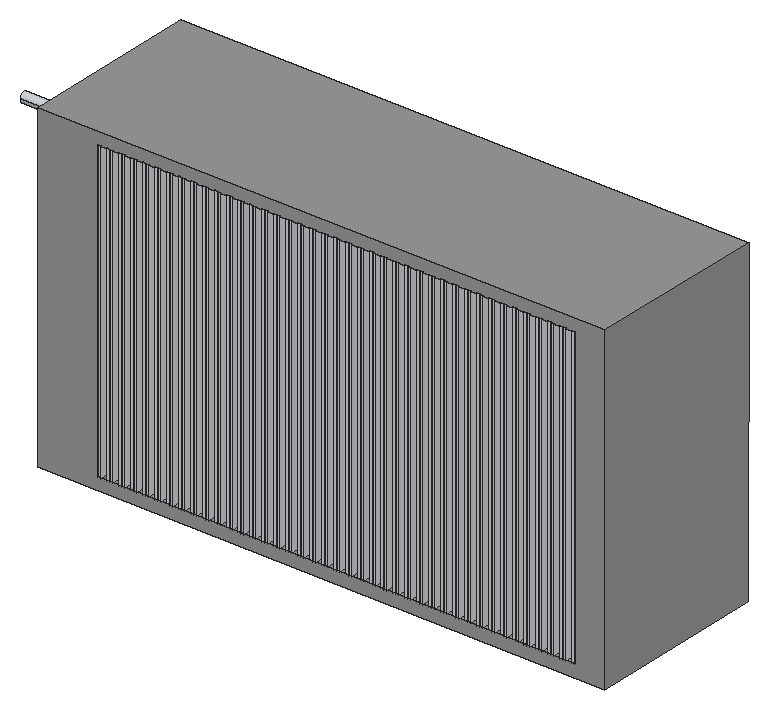
Revit family "ВЕЗА_Канал-ФКО", category Арматура воздуховодов, Revit 2018
Family settings
  Размер круглого соединителя = Использовать диаметр
  Тип детали = Демпфер
  Номер OmniClass = 23.75.00.00
  Заголовок OmniClass = Climate Control (HVAC)
  На основе рабочей плоскости = Нет
  Всегда вертикально = Нет
  При загрузке вырезать с полостями = Нет
  Общий = Нет
Parameters (values of type "100-50")
  Угол поворота УГО 3D [instance] = 30.00°
  Скорость воздуха [instance] = ADSK_Расход воздуха / Площадь живого сечения  # 3.47222 m/s
  Площадь живого сечения = size_lookup(Kanal, "Площадь живого сечения", 0.00 m², B, H)  # 0.32 m²
  Плотность воздуха = 1.2000 kg/m³  # constant formula
  Масштаб УГО [instance] = 100
  ВЕЗА_Классификатор = "11024"  # constant formula
  Description = ""
  Материал = ВЕЗА_Оцинкованная сталь
  КМС = size_lookup(Kanal, "КМС", 0, B, H)  # 7.54
  Type Image = ФКО.png
  Manufacturer = ""
  ВЕЗА_Контакты = "bim@veza.ru"  # constant formula
  d2 = size_lookup(Kanal, "d2", 0 mm, B, H)  # 35 mm
  URL = "http://www.veza.ru/docs/sistemy-kanalnoy-ventilyatsii-kanal/"
  L = 300 mm  # constant formula
  Kanal = "kanal"  # constant formula
  H1 = size_lookup(Kanal, "H1", 0 mm, B, H)  # 583 mm
  H = 500 mm
  D1 = 22 mm  # constant formula
  d1 = size_lookup(Kanal, "d1", 0 mm, B, H)  # 16 mm
  B2 = 0 mm
  B1 = size_lookup(Kanal, "B1", 0 mm, B, H)  # 952 mm
  B = 800 mm
  ADSK_Расход воздуха [instance] = 4000.0 m³/h
  ADSK_Размер_Ширина [instance] = B  # 800 mm
  ADSK_Размер_Высота [instance] = H  # 500 mm
  ADSK_Потеря давления воздуха [instance] = КМС * ((Плотность воздуха * Скорость воздуха ^ 2) / 2)  # 59.2448 Pa
  ADSK_Наименование краткое = "Канал-ФКО"  # constant formula
  ADSK_Наименование = "Канальный фреоновый воздухоохладитель"  # constant formula
  ADSK_Масса = size_lookup(Kanal, "ADSK_Масса", 0, B, H)  # 32
  ADSK_Марка [instance] = size_lookup(Kanal, "", "Не определено", B, H)  # "Канал-ФКО-80-50"
  ADSK_Комплект [instance] = ""
  ADSK_Количество = 1
  ADSK_Код изделия = ""
  ADSK_Завод-изготовитель = "OOO ''ВЕЗА''"  # constant formula
  ADSK_Единица измерения = "шт."  # constant formula
  ADSK_Дата изменения = "28.08.2020"  # constant formula
  ADSK_Группирование [instance] = ""
  ADSK_Версия семейства = "2.0"  # constant formula
  ADSK_Версия Revit = "Revit2018"  # constant formula
Reference planes
  plane 1 "По центру (Вперед/Назад)": y = 0
  plane 2: z = 0
  plane 3 "По центру (Влево/Вправо)": x = 0
  plane 4: x = -400
  plane 5: x = 400
  plane 6: z = 250
  plane 7 "Низ": z = -250
  plane 8 "back": y = -150
  plane 9 "front": y = 150
  plane 10: y = 152
  plane 11: y = -152
  plane 12: y = -130
  plane 13: z = -270
  plane 14: x = 451
  plane 15: z = 270
  plane 16: x = -501
  plane 17: x = -578
  plane 18: y = -83
  plane 19: z = 230
  plane 20: z = -230
  plane 21: y = 90
  plane 22: y = 91
  plane 23: y = -91
  plane 24: z = -310
  plane 25: x = 399
  plane 26: x = -449
  plane 27: y = -152
  plane 28: x = 370
  plane 29: y = -21
  plane 30: x = -531
  plane 31: z = -299
Forms (mm)
  Extrusion 1, solid, material "ВЕЗА_Оцинкованная сталь" <- "Материал", detail levels medium+fine
    sketch origin (0, -150, 0) x (0, 0, 1) y (1, 0, 0)
      loop
        line (250, -400) -> (250, 400) -> (-250, 400) -> (-250, -400) -> (250, -400)
      loop
        line (270, -501) -> (270, 451) -> (-270, 451) -> (-270, -501) -> (270, -501)
    from 0 to 300
  Extrusion 2, solid, detail levels medium+fine
    sketch origin (0, 0, 0) x (0, 1, 0) y (0, 0, 1)
      loop
        circle (-83, 230) r 8
      loop
        circle (90, -230) r 17.5
    from -501 to -578
  Extrusion 3, solid, detail levels medium+fine
    sketch origin (0, 0, 0) x (0, 1, 0) y (0, 0, 1)
      loop
        line (-91, -310) -> (91, -310) -> (91, -270) -> (-91, -270) -> (-91, -310)
    from -449 to 399
  Extrusion 4, solid, detail levels medium+fine
    sketch origin (0, 0, 0) x (0, 1, 0) y (0, 0, 1)
      loop
        circle (-21, -299) r 11
    from -531 to -400
Lines and regions (mm)
  reference lines
    curve 1: line (0, -150, 0) -> (692.82, -150, 400)
Dimensions and locks
  equal spacing: plane 5, plane 3 "По центру (Влево/Вправо)", plane 4
  "B": plane 5 to plane 4
  equal spacing: plane 6, level, plane 7 "Низ"
  "H": plane 6 to plane 7 "Низ"
  equal spacing: plane 8 "back", plane 1 "По центру (Вперед/Назад)", plane 9 "front"
  "L": plane 8 "back" to plane 9 "front"
  locked: plane 9 "front" to plane 10 at 2
  locked: plane 11 to plane 8 "back" at 2
  locked: plane 6 to nested 1 at 44.392
  locked: plane 8 "back" to nested 1 at 91.104
  locked: plane 7 "Низ" to plane 13 at 20
  locked: plane 15 to plane 6 at 20
  locked: plane 14 to plane 5 at 51
  locked: plane 4 to plane 16 at 101
  locked: plane 16 to plane 17 at 77
  locked: plane 6 to plane 19 at 20
  locked: plane 20 to plane 7 "Низ" at 20
  locked: plane 9 "front" to plane 21 at 60
  locked: plane 9 "front" to plane 22 at 59
  locked: plane 23 to plane 8 "back" at 59
  locked: plane 13 to plane 24 at 40
  locked: plane 5 to plane 25 at 1
  locked: plane 26 to plane 16 at 52
  locked: plane 5 to plane 28 at 30
  locked: plane 16 to plane 30 at 30
  locked: plane 18 to plane 8 "back" at 67
  locked: plane 29 to plane 8 "back" at 129
  locked: plane 13 to plane 31 at 29
  locked: plane 13 to Extrusion 3 at 40
  "d1": diameter of Extrusion 2 sketch curve
  "d2": diameter of Extrusion 2 sketch curve
  "D1": diameter of Extrusion 4 sketch curve
  diameter of Extrusion 2 = 16 mm
  "Угол поворота УГО 3D": angle plane 2 to curve 1
  aligned and locked: level to plane 2
  aligned and locked: plane 4 to Extrusion 1 sketch curve
  aligned and locked: plane 6 to Extrusion 1 sketch curve
  aligned and locked: plane 7 "Низ" to Extrusion 1 sketch curve
  aligned and locked: plane 5 to Extrusion 1 sketch curve
  aligned and locked: plane 9 "front" to Extrusion 1
  aligned and locked: Extrusion 1 to plane 6
  aligned and locked: plane 4 to Extrusion 1
  aligned and locked: plane 15 to Extrusion 1
  aligned and locked: Extrusion 1 to plane 16
  aligned and locked: plane 14 to Extrusion 1
  aligned and locked: plane 21 to Extrusion 2 sketch curve
  aligned and locked: plane 20 to Extrusion 2 sketch curve
  aligned and locked: plane 18 to Extrusion 2 sketch curve
  aligned and locked: plane 19 to Extrusion 2 sketch curve
  aligned and locked: Extrusion 2 to plane 16  (x4)
  aligned and locked: Extrusion 2 to plane 17
  aligned and locked: plane 24 to Extrusion 3 sketch curve
  aligned and locked: plane 22 to Extrusion 3 sketch curve
  aligned and locked: plane 23 to Extrusion 3 sketch curve
  aligned and locked: plane 13 to Extrusion 3 sketch curve
  aligned and locked: Extrusion 3 to plane 26
  aligned and locked: plane 25 to Extrusion 3
  aligned and locked: plane 26 to Extrusion 3
  aligned and locked: Extrusion 3 to plane 25
  aligned and locked: nested 2 to plane 4
  aligned and locked: plane 5 to nested 2
  aligned and locked: Extrusion 1 to nested 2
  aligned and locked: plane 4 to nested 3
  aligned and locked: nested 3 to plane 5
  aligned and locked: plane 8 "back" to nested 3
  aligned and locked: Extrusion 4 to plane 30
  aligned and locked: plane 4 to Extrusion 4
  aligned and locked: plane 29 to Extrusion 4 sketch curve
  aligned and locked: plane 31 to Extrusion 4 sketch curve
  aligned and locked: plane 2 to curve 1
  aligned and locked: plane 3 "По центру (Влево/Вправо)" to curve 1
  aligned and locked: plane 3 "По центру (Влево/Вправо)" to nested 5
  aligned and locked: nested 5 to plane 1 "По центру (Вперед/Назад)"
Automatic sketch dimensions
  Extrusion 1 sketch curve to plane 7 "Низ" = 20 mm
  plane 6 to Extrusion 1 sketch curve = 20 mm
  Extrusion 1 sketch curve to plane 4 = 101 mm
  plane 5 to Extrusion 1 sketch curve = 51 mm
Nested families
  nested 1: "Логотип ВЕЗА" at (-501, -762.171, 367.197) x (0, -1, 0) z (-1, 0, 0), type "Логотип ВЕЗА", detail levels fine
  nested 2: "Обрамление" at (50, 0, 0), B <- "B", H <- "H", L <- "L", type "Обрамление", detail levels fine
    with Количество 40, L 300 mm, H 500 mm, B 800 mm
  nested 3: "Обрамление" at (50, 0, 0), B <- "B", H <- "H", L <- "L", type "Обрамление", detail levels fine
    with Количество 40, L 300 mm, H 500 mm, B 800 mm
  nested 4: "ВЕЗА_УГО_Канальная вентиляция_Канальный водяной воздухоохладитель _3D" at (0, 0, 0) x (0, 1, 0) z (-0.5, 0, 0.866), Длина модели <- "L", Ширина модели <- "B", Масштаб УГО <- "Масштаб УГО", type "Канальный водяной воздухоохладитель", detail levels coarse
    with а 27.273 mm, Ширина модели 800 mm, Масштаб УГО 100, Длина модели 300 mm, Диаметр 109.091 mm, x 155 mm, d 111.091 mm, b 42.857 mm, L 300 mm, B 800 mm
  nested 5: "ВЕЗА_УГО_ВЕРОСА_Воздухоохладитель_2D" at (0, 0, 0) x (0, 1, 0) z (0, 0, 1), Масштаб УГО <- "Масштаб УГО", Длина модели <- "L", Ширина модели <- "B", type "ВЕЗА_УГО_ВЕРОСА_Воздухоохладитель_2D", detail levels coarse
    with Ширина модели 800 mm, Масштаб УГО 100, Длина модели 300 mm, x 155 mm, d 100 mm, L 300 mm, D 200 mm, B 800 mm
Connectors
  hvac at (0, 150, 0), driven by "H", driven by "B", driven by "ADSK_Расход воздуха"
    settings: on Extrusion 1, index 1, duct flow 4000.0 m³/h, flow factor 0, pres drop 0.0 Pa, loss coef 0, conn angle 0.00°, conn width 800 mm, conn height 500 mm, conn diameter 609.6 mm, duct sys type 29, conn prof type 1, flow config 0, flow direction 0, loss method 0, conn ref index 2, conn util no, is conn primary no, conn desc ""
  hvac at (0, -150, 0), driven by "H", driven by "B", driven by "ADSK_Расход воздуха"
    settings: on Extrusion 1, index 2, duct flow 4000.0 m³/h, flow factor 0, pres drop 0.0 Pa, loss coef 0, conn angle 0.00°, conn width 800 mm, conn height 500 mm, conn diameter 609.6 mm, duct sys type 29, conn prof type 1, flow config 0, flow direction 0, loss method 0, conn ref index 1, conn util no, is conn primary yes, conn desc ""
  piping at (-578, -83, 230), diameter 16, driven by "d1"
    settings: on Extrusion 2, index 3, connector inside diameter 609.6 mm, connector length 0 mm, flow factor 0, pipe flow 0.0 L/s, pressure drop 0.0 Pa, fitting loss kfactor 0, connector angle 0.00°, fixture units 0, engagement length 0 mm, angle of deflection 0.00°, flow configuration 0, flow direction 1, fitting loss method 0, system type 28, joint type 0, gender type 0, connector reference index -1, connector utility 0, adjustable connector no, is connector primary yes, connector description ""
  piping at (-578, 90, -230), diameter 35, driven by "d2"
    settings: on Extrusion 2, index 4, connector inside diameter 609.6 mm, connector length 0 mm, flow factor 0, pipe flow 0.0 L/s, pressure drop 0.0 Pa, fitting loss kfactor 0, connector angle 0.00°, fixture units 0, engagement length 0 mm, angle of deflection 0.00°, flow configuration 0, flow direction 2, fitting loss method 0, system type 28, joint type 0, gender type 0, connector reference index -1, connector utility 0, adjustable connector no, is connector primary no, connector description ""
  piping at (-531, -21, -299), diameter 22, driven by "D1"
    settings: on Extrusion 4, index 5, connector inside diameter 609.6 mm, connector length 0 mm, flow factor 0, pipe flow 0.0 L/s, pressure drop 0.0 Pa, fitting loss kfactor 0, connector angle 0.00°, fixture units 0, engagement length 0 mm, angle of deflection 0.00°, flow configuration 0, flow direction 2, fitting loss method 0, system type 22, joint type 0, gender type 0, connector reference index -1, connector utility 0, adjustable connector no, is connector primary no, connector description ""
Definition of nested family "Логотип ВЕЗА"
  Parameters (values of type "Логотип ВЕЗА")
    Default Elevation = 1219.2 mm
    Материал нижнего сплайна = none
    Материал заглавия = none
    Материал верхнего сплайна = none
  Reference planes
    plane 1 "По центру (Вперед/Назад)": y = 0
    plane 2: z = 0
    plane 3 "По центру (Влево/Вправо)": x = 0
  Forms (mm)
    Extrusion 1, solid
      sketch origin (0, 0, 0) x (1, 0, 0) y (0, 1, 0)
        loop
          line (-1219.2, 1219.2) -> (-1219.2, -1219.2) -> (1219.2, -1219.2) -> (1219.2, 1219.2) -> (-1219.2, 1219.2)
      from 0 to -304.8
    Extrusion 2, solid, material <- "Материал нижнего сплайна"
      sketch origin (0, 0, 0) x (1, 0, 0) y (0, 1, 0)
        loop
          spline (-774.059, -149.29) -> (-784.62, -151.668) -> (-796.503, -155.866) -> (-804.568, -162.905) -> (-808.562, -171.012) -> (-809.369, -178.017) -> (-808.248, -183.715) -> (-806.316, -188.854) -> (-802.212, -193.698) -> (-793.49, -198.301) -> (-778.657, -202.454) -> (-760.079, -204.908) -> (-741.093, -204.153)
          spline (-741.093, -204.153) -> (-762.815, -201.187) -> (-778.36, -196.997) -> (-788.809, -192.037) -> (-795.239, -186.762) -> (-798.73, -181.627) -> (-800.228, -176.971) -> (-800.247, -172.768) -> (-799.212, -168.917) -> (-797.387, -165.247) -> (-794.555, -161.383) -> (-788.805, -156.589) -> (-774.059, -149.29)
      from 0 to 1
    Extrusion 3, solid, material <- "Материал заглавия"
      sketch origin (0, 0, 0) x (1, 0, 0) y (0, 1, 0)
        loop
          line (-785.933, -161.629) -> (-785.933, -186.629) -> (-775.627, -186.629)
          arc (-775.627, -186.629) -> (-768.784, -181.368) -> (-772.111, -173.402) r 7.081
          arc (-772.111, -173.402) -> (-769.839, -166.099) -> (-776.046, -161.629) r 6.544
          line (-776.046, -161.629) -> (-785.933, -161.629)
        loop
          line (-783.933, -163.629) -> (-783.933, -173.402) -> (-777.349, -173.402)
          arc (-777.349, -173.402) -> (-772.463, -168.516) -> (-777.349, -163.629) r 4.887
          line (-777.349, -163.629) -> (-783.933, -163.629)
        loop
          line (-783.933, -175.169) -> (-783.933, -184.629) -> (-776.202, -184.629)
          arc (-776.202, -184.629) -> (-771.471, -179.899) -> (-776.202, -175.169) r 4.73
          line (-776.202, -175.169) -> (-783.933, -175.169)
        loop
          line (-764.855, -161.589) -> (-764.855, -186.629) -> (-749.855, -186.629) -> (-749.855, -183.589) -> (-761.855, -183.589) -> (-761.855, -174.589) -> (-749.855, -174.589) -> (-749.855, -171.589) -> (-761.855, -171.589) -> (-761.855, -164.589) -> (-749.855, -164.589) -> (-749.855, -161.589) -> (-764.855, -161.589)
        loop
          arc (-730.632, -186.629) -> (-724.166, -181.468) -> (-727.764, -174.018) r 6.632
          arc (-727.764, -174.018) -> (-725.006, -166.416) -> (-731.494, -161.589) r 6.774
          line (-731.494, -161.589) -> (-744.569, -161.589) -> (-744.569, -164.589) -> (-732.019, -164.589)
          arc (-732.019, -164.589) -> (-728.017, -168.592) -> (-732.019, -172.595) r 4.003
          line (-732.019, -172.595) -> (-744.569, -172.595) -> (-744.569, -175.882) -> (-731.633, -175.882)
          arc (-731.633, -175.882) -> (-727.779, -179.736) -> (-731.633, -183.589) r 3.854
          line (-731.633, -183.589) -> (-744.569, -183.589) -> (-744.569, -186.629) -> (-730.632, -186.629)
        loop
          line (-703.275, -186.629) -> (-703.275, -167.236)
          arc (-703.275, -167.236) -> (-704.929, -163.243) -> (-708.922, -161.589) r 5.647
          line (-708.922, -161.589) -> (-718.275, -161.589) -> (-718.275, -164.589) -> (-709.876, -164.589)
          arc (-709.876, -164.589) -> (-707.33, -165.644) -> (-706.275, -168.191) r 3.601
          line (-706.275, -168.191) -> (-706.275, -171.589) -> (-713.27, -171.589)
          arc (-713.27, -171.589) -> (-720.789, -179.109) -> (-713.27, -186.629) r 7.52
          line (-713.27, -186.629) -> (-703.275, -186.629)
        loop
          line (-712.316, -183.589) -> (-706.275, -183.589) -> (-706.275, -174.589) -> (-712.316, -174.589)
          arc (-712.316, -174.589) -> (-716.816, -179.089) -> (-712.316, -183.589) r 4.5
      from 0 to 1
    Extrusion 4, solid, material <- "Материал верхнего сплайна"
      sketch origin (-1499.429, -298.696, 0) x (-0.997564, 0.069756, 0) y (-0.069756, -0.997564, 0)
        loop
          spline (-774.059, -149.29) -> (-784.62, -151.668) -> (-796.503, -155.866) -> (-804.568, -162.905) -> (-808.562, -171.012) -> (-809.369, -178.017) -> (-808.248, -183.715) -> (-806.316, -188.854) -> (-802.212, -193.698) -> (-793.49, -198.301) -> (-778.657, -202.454) -> (-760.079, -204.908) -> (-741.093, -204.153)
          spline (-741.093, -204.153) -> (-762.815, -201.187) -> (-778.36, -196.997) -> (-788.809, -192.037) -> (-795.239, -186.762) -> (-798.73, -181.627) -> (-800.228, -176.971) -> (-800.247, -172.768) -> (-799.212, -168.917) -> (-797.387, -165.247) -> (-794.555, -161.383) -> (-788.805, -156.589) -> (-774.059, -149.29)
      from 0 to 1
  Dimensions and locks
    aligned and locked: plane 2 to Extrusion 1
    aligned and locked: level to Extrusion 1
Definition of nested family "Обрамление"
  Parameters (values of type "Обрамление")
    Количество [instance] = B / 20 mm  # 45
    L [instance] = 500 mm
    H [instance] = 300 mm
    B [instance] = 900 mm
  Reference planes
    plane 1 "По центру (Вперед/Назад)": y = 0
    plane 2: z = 0
    plane 3 "По центру (Влево/Вправо)": x = 0
    plane 4: x = -450
    plane 5: x = 450
    plane 6: z = 150
    plane 7 "низ": z = -150
    plane 8: y = 250
    plane 9: y = -250
  Forms (mm)
    Extrusion 1, solid
      sketch origin (0, 0, -150) x (-1, 0, 0) y (0, -1, 0)
        loop
          line (450, -250) -> (450, -220) -> (430, -220) -> (430, -250) -> (435, -250) -> (435, -225) -> (445, -225) -> (445, -250) -> (450, -250)
      from 0 to 300 <- "H"
    Extrusion 2, solid
      sketch origin (20, 0, -150) x (-1, 0, 0) y (0, -1, 0)
        loop
          line (450, -250) -> (450, -220) -> (430, -220) -> (430, -250) -> (435, -250) -> (435, -225) -> (445, -225) -> (445, -250) -> (450, -250)
      from 0 to 300 <- "H"
    Extrusion 3, solid
      sketch origin (40, 0, -150) x (-1, 0, 0) y (0, -1, 0)
        loop
          line (450, -250) -> (450, -220) -> (430, -220) -> (430, -250) -> (435, -250) -> (435, -225) -> (445, -225) -> (445, -250) -> (450, -250)
      from 0 to 300 <- "H"
    Extrusion 4, solid
      sketch origin (60, 0, -150) x (-1, 0, 0) y (0, -1, 0)
        loop
          line (450, -250) -> (450, -220) -> (430, -220) -> (430, -250) -> (435, -250) -> (435, -225) -> (445, -225) -> (445, -250) -> (450, -250)
      from 0 to 300 <- "H"
    Extrusion 5, solid
      sketch origin (80, 0, -150) x (-1, 0, 0) y (0, -1, 0)
        loop
          line (450, -250) -> (450, -220) -> (430, -220) -> (430, -250) -> (435, -250) -> (435, -225) -> (445, -225) -> (445, -250) -> (450, -250)
      from 0 to 300 <- "H"
    Extrusion 6, solid
      sketch origin (100, 0, -150) x (-1, 0, 0) y (0, -1, 0)
        loop
          line (450, -250) -> (450, -220) -> (430, -220) -> (430, -250) -> (435, -250) -> (435, -225) -> (445, -225) -> (445, -250) -> (450, -250)
      from 0 to 300 <- "H"
    Extrusion 7, solid
      sketch origin (120, 0, -150) x (-1, 0, 0) y (0, -1, 0)
        loop
          line (450, -250) -> (450, -220) -> (430, -220) -> (430, -250) -> (435, -250) -> (435, -225) -> (445, -225) -> (445, -250) -> (450, -250)
      from 0 to 300 <- "H"
    Extrusion 8, solid
      sketch origin (140, 0, -150) x (-1, 0, 0) y (0, -1, 0)
        loop
          line (450, -250) -> (450, -220) -> (430, -220) -> (430, -250) -> (435, -250) -> (435, -225) -> (445, -225) -> (445, -250) -> (450, -250)
      from 0 to 300 <- "H"
    Extrusion 9, solid
      sketch origin (160, 0, -150) x (-1, 0, 0) y (0, -1, 0)
        loop
          line (450, -250) -> (450, -220) -> (430, -220) -> (430, -250) -> (435, -250) -> (435, -225) -> (445, -225) -> (445, -250) -> (450, -250)
      from 0 to 300 <- "H"
    Extrusion 10, solid
      sketch origin (180, 0, -150) x (-1, 0, 0) y (0, -1, 0)
        loop
          line (450, -250) -> (450, -220) -> (430, -220) -> (430, -250) -> (435, -250) -> (435, -225) -> (445, -225) -> (445, -250) -> (450, -250)
      from 0 to 300 <- "H"
    Extrusion 11, solid
      sketch origin (200, 0, -150) x (-1, 0, 0) y (0, -1, 0)
        loop
          line (450, -250) -> (450, -220) -> (430, -220) -> (430, -250) -> (435, -250) -> (435, -225) -> (445, -225) -> (445, -250) -> (450, -250)
      from 0 to 300 <- "H"
    Extrusion 12, solid
      sketch origin (220, 0, -150) x (-1, 0, 0) y (0, -1, 0)
        loop
          line (450, -250) -> (450, -220) -> (430, -220) -> (430, -250) -> (435, -250) -> (435, -225) -> (445, -225) -> (445, -250) -> (450, -250)
      from 0 to 300 <- "H"
    Extrusion 13, solid
      sketch origin (240, 0, -150) x (-1, 0, 0) y (0, -1, 0)
        loop
          line (450, -250) -> (450, -220) -> (430, -220) -> (430, -250) -> (435, -250) -> (435, -225) -> (445, -225) -> (445, -250) -> (450, -250)
      from 0 to 300 <- "H"
    Extrusion 14, solid
      sketch origin (260, 0, -150) x (-1, 0, 0) y (0, -1, 0)
        loop
          line (450, -250) -> (450, -220) -> (430, -220) -> (430, -250) -> (435, -250) -> (435, -225) -> (445, -225) -> (445, -250) -> (450, -250)
      from 0 to 300 <- "H"
    Extrusion 15, solid
      sketch origin (280, 0, -150) x (-1, 0, 0) y (0, -1, 0)
        loop
          line (450, -250) -> (450, -220) -> (430, -220) -> (430, -250) -> (435, -250) -> (435, -225) -> (445, -225) -> (445, -250) -> (450, -250)
      from 0 to 300 <- "H"
    Extrusion 16, solid
      sketch origin (300, 0, -150) x (-1, 0, 0) y (0, -1, 0)
        loop
          line (450, -250) -> (450, -220) -> (430, -220) -> (430, -250) -> (435, -250) -> (435, -225) -> (445, -225) -> (445, -250) -> (450, -250)
      from 0 to 300 <- "H"
    Extrusion 17, solid
      sketch origin (320, 0, -150) x (-1, 0, 0) y (0, -1, 0)
        loop
          line (450, -250) -> (450, -220) -> (430, -220) -> (430, -250) -> (435, -250) -> (435, -225) -> (445, -225) -> (445, -250) -> (450, -250)
      from 0 to 300 <- "H"
    Extrusion 18, solid
      sketch origin (340, 0, -150) x (-1, 0, 0) y (0, -1, 0)
        loop
          line (450, -250) -> (450, -220) -> (430, -220) -> (430, -250) -> (435, -250) -> (435, -225) -> (445, -225) -> (445, -250) -> (450, -250)
      from 0 to 300 <- "H"
    Extrusion 19, solid
      sketch origin (360, 0, -150) x (-1, 0, 0) y (0, -1, 0)
        loop
          line (450, -250) -> (450, -220) -> (430, -220) -> (430, -250) -> (435, -250) -> (435, -225) -> (445, -225) -> (445, -250) -> (450, -250)
      from 0 to 300 <- "H"
    Extrusion 20, solid
      sketch origin (380, 0, -150) x (-1, 0, 0) y (0, -1, 0)
        loop
          line (450, -250) -> (450, -220) -> (430, -220) -> (430, -250) -> (435, -250) -> (435, -225) -> (445, -225) -> (445, -250) -> (450, -250)
      from 0 to 300 <- "H"
    Extrusion 21, solid
      sketch origin (400, 0, -150) x (-1, 0, 0) y (0, -1, 0)
        loop
          line (450, -250) -> (450, -220) -> (430, -220) -> (430, -250) -> (435, -250) -> (435, -225) -> (445, -225) -> (445, -250) -> (450, -250)
      from 0 to 300 <- "H"
    Extrusion 22, solid
      sketch origin (420, 0, -150) x (-1, 0, 0) y (0, -1, 0)
        loop
          line (450, -250) -> (450, -220) -> (430, -220) -> (430, -250) -> (435, -250) -> (435, -225) -> (445, -225) -> (445, -250) -> (450, -250)
      from 0 to 300 <- "H"
    Extrusion 23, solid
      sketch origin (440, 0, -150) x (-1, 0, 0) y (0, -1, 0)
        loop
          line (450, -250) -> (450, -220) -> (430, -220) -> (430, -250) -> (435, -250) -> (435, -225) -> (445, -225) -> (445, -250) -> (450, -250)
      from 0 to 300 <- "H"
    Extrusion 24, solid
      sketch origin (460, 0, -150) x (-1, 0, 0) y (0, -1, 0)
        loop
          line (450, -250) -> (450, -220) -> (430, -220) -> (430, -250) -> (435, -250) -> (435, -225) -> (445, -225) -> (445, -250) -> (450, -250)
      from 0 to 300 <- "H"
    Extrusion 25, solid
      sketch origin (480, 0, -150) x (-1, 0, 0) y (0, -1, 0)
        loop
          line (450, -250) -> (450, -220) -> (430, -220) -> (430, -250) -> (435, -250) -> (435, -225) -> (445, -225) -> (445, -250) -> (450, -250)
      from 0 to 300 <- "H"
    Extrusion 26, solid
      sketch origin (500, 0, -150) x (-1, 0, 0) y (0, -1, 0)
        loop
          line (450, -250) -> (450, -220) -> (430, -220) -> (430, -250) -> (435, -250) -> (435, -225) -> (445, -225) -> (445, -250) -> (450, -250)
      from 0 to 300 <- "H"
    Extrusion 27, solid
      sketch origin (520, 0, -150) x (-1, 0, 0) y (0, -1, 0)
        loop
          line (450, -250) -> (450, -220) -> (430, -220) -> (430, -250) -> (435, -250) -> (435, -225) -> (445, -225) -> (445, -250) -> (450, -250)
      from 0 to 300 <- "H"
    Extrusion 28, solid
      sketch origin (540, 0, -150) x (-1, 0, 0) y (0, -1, 0)
        loop
          line (450, -250) -> (450, -220) -> (430, -220) -> (430, -250) -> (435, -250) -> (435, -225) -> (445, -225) -> (445, -250) -> (450, -250)
      from 0 to 300 <- "H"
    Extrusion 29, solid
      sketch origin (560, 0, -150) x (-1, 0, 0) y (0, -1, 0)
        loop
          line (450, -250) -> (450, -220) -> (430, -220) -> (430, -250) -> (435, -250) -> (435, -225) -> (445, -225) -> (445, -250) -> (450, -250)
      from 0 to 300 <- "H"
    Extrusion 30, solid
      sketch origin (580, 0, -150) x (-1, 0, 0) y (0, -1, 0)
        loop
          line (450, -250) -> (450, -220) -> (430, -220) -> (430, -250) -> (435, -250) -> (435, -225) -> (445, -225) -> (445, -250) -> (450, -250)
      from 0 to 300 <- "H"
    Extrusion 31, solid
      sketch origin (600, 0, -150) x (-1, 0, 0) y (0, -1, 0)
        loop
          line (450, -250) -> (450, -220) -> (430, -220) -> (430, -250) -> (435, -250) -> (435, -225) -> (445, -225) -> (445, -250) -> (450, -250)
      from 0 to 300 <- "H"
    Extrusion 32, solid
      sketch origin (620, 0, -150) x (-1, 0, 0) y (0, -1, 0)
        loop
          line (450, -250) -> (450, -220) -> (430, -220) -> (430, -250) -> (435, -250) -> (435, -225) -> (445, -225) -> (445, -250) -> (450, -250)
      from 0 to 300 <- "H"
    Extrusion 33, solid
      sketch origin (640, 0, -150) x (-1, 0, 0) y (0, -1, 0)
        loop
          line (450, -250) -> (450, -220) -> (430, -220) -> (430, -250) -> (435, -250) -> (435, -225) -> (445, -225) -> (445, -250) -> (450, -250)
      from 0 to 300 <- "H"
    Extrusion 34, solid
      sketch origin (660, 0, -150) x (-1, 0, 0) y (0, -1, 0)
        loop
          line (450, -250) -> (450, -220) -> (430, -220) -> (430, -250) -> (435, -250) -> (435, -225) -> (445, -225) -> (445, -250) -> (450, -250)
      from 0 to 300 <- "H"
    Extrusion 35, solid
      sketch origin (680, 0, -150) x (-1, 0, 0) y (0, -1, 0)
        loop
          line (450, -250) -> (450, -220) -> (430, -220) -> (430, -250) -> (435, -250) -> (435, -225) -> (445, -225) -> (445, -250) -> (450, -250)
      from 0 to 300 <- "H"
    Extrusion 36, solid
      sketch origin (700, 0, -150) x (-1, 0, 0) y (0, -1, 0)
        loop
          line (450, -250) -> (450, -220) -> (430, -220) -> (430, -250) -> (435, -250) -> (435, -225) -> (445, -225) -> (445, -250) -> (450, -250)
      from 0 to 300 <- "H"
    Extrusion 37, solid
      sketch origin (720, 0, -150) x (-1, 0, 0) y (0, -1, 0)
        loop
          line (450, -250) -> (450, -220) -> (430, -220) -> (430, -250) -> (435, -250) -> (435, -225) -> (445, -225) -> (445, -250) -> (450, -250)
      from 0 to 300 <- "H"
    Extrusion 38, solid
      sketch origin (740, 0, -150) x (-1, 0, 0) y (0, -1, 0)
        loop
          line (450, -250) -> (450, -220) -> (430, -220) -> (430, -250) -> (435, -250) -> (435, -225) -> (445, -225) -> (445, -250) -> (450, -250)
      from 0 to 300 <- "H"
    Extrusion 39, solid
      sketch origin (760, 0, -150) x (-1, 0, 0) y (0, -1, 0)
        loop
          line (450, -250) -> (450, -220) -> (430, -220) -> (430, -250) -> (435, -250) -> (435, -225) -> (445, -225) -> (445, -250) -> (450, -250)
      from 0 to 300 <- "H"
    Extrusion 40, solid
      sketch origin (780, 0, -150) x (-1, 0, 0) y (0, -1, 0)
        loop
          line (450, -250) -> (450, -220) -> (430, -220) -> (430, -250) -> (435, -250) -> (435, -225) -> (445, -225) -> (445, -250) -> (450, -250)
      from 0 to 300 <- "H"
    Extrusion 41, solid
      sketch origin (800, 0, -150) x (-1, 0, 0) y (0, -1, 0)
        loop
          line (450, -250) -> (450, -220) -> (430, -220) -> (430, -250) -> (435, -250) -> (435, -225) -> (445, -225) -> (445, -250) -> (450, -250)
      from 0 to 300 <- "H"
    Extrusion 42, solid
      sketch origin (820, 0, -150) x (-1, 0, 0) y (0, -1, 0)
        loop
          line (450, -250) -> (450, -220) -> (430, -220) -> (430, -250) -> (435, -250) -> (435, -225) -> (445, -225) -> (445, -250) -> (450, -250)
      from 0 to 300 <- "H"
    Extrusion 43, solid
      sketch origin (840, 0, -150) x (-1, 0, 0) y (0, -1, 0)
        loop
          line (450, -250) -> (450, -220) -> (430, -220) -> (430, -250) -> (435, -250) -> (435, -225) -> (445, -225) -> (445, -250) -> (450, -250)
      from 0 to 300 <- "H"
    Extrusion 44, solid
      sketch origin (860, 0, -150) x (-1, 0, 0) y (0, -1, 0)
        loop
          line (450, -250) -> (450, -220) -> (430, -220) -> (430, -250) -> (435, -250) -> (435, -225) -> (445, -225) -> (445, -250) -> (450, -250)
      from 0 to 300 <- "H"
    Extrusion 45, solid
      sketch origin (880, 0, -150) x (-1, 0, 0) y (0, -1, 0)
        loop
          line (450, -250) -> (450, -220) -> (430, -220) -> (430, -250) -> (435, -250) -> (435, -225) -> (445, -225) -> (445, -250) -> (450, -250)
      from 0 to 300 <- "H"
  Dimensions and locks
    equal spacing: plane 5, plane 3 "По центру (Влево/Вправо)", plane 4
    "B": plane 5 to plane 4
    equal spacing: plane 6, level, plane 7 "низ"
    "H": plane 6 to plane 7 "низ"
    equal spacing: plane 9, plane 1 "По центру (Вперед/Назад)", plane 8
    "L": plane 9 to plane 8
    equal spacing: group 1, group 2, group 3, group 4, group 5, group 6, group 7, group 8, group 9, group 10, group 11, group 12, group 13, group 14, group 15, group 16, group 17, group 18, group 19, group 20, group 21, group 22, group 23, group 24, group 25, group 26, group 27, group 28, group 29, group 30, group 31, group 32, group 33, group 34, group 35, group 36, group 37, group 38, group 39, group 40, group 41, group 42, group 43, group 44, group 45  (x3)
    aligned and locked: level to plane 2
    aligned and locked: plane 6 to Extrusion 1
    aligned and locked: Extrusion 1 to plane 7 "низ"
    aligned and locked: plane 8 to Extrusion 1
    aligned and locked: Extrusion 1 to Extrusion 2
    aligned and locked: plane 8 to Extrusion 2  (x2)
    aligned and locked: plane 6 to Extrusion 2
    aligned and locked: Extrusion 2 to plane 7 "низ"
    aligned and locked: Extrusion 1 to plane 6
    aligned and locked: Extrusion 2 to plane 6
    aligned and locked: plane 7 "низ" to Extrusion 1
    aligned and locked: plane 7 "низ" to Extrusion 2
  Automatic sketch dimensions
    Extrusion 1 sketch curve to Extrusion 1 sketch curve = 5 mm  (x3)
    Extrusion 1 sketch curve to Extrusion 1 sketch curve = 10 mm
    Extrusion 1 sketch curve to Extrusion 1 sketch curve = 0 mm
    Extrusion 1 sketch curve to Extrusion 1 sketch curve = 25 mm
    Extrusion 2 sketch curve to Extrusion 2 sketch curve = 5 mm  (x3)
    Extrusion 2 sketch curve to Extrusion 2 sketch curve = 10 mm
    Extrusion 2 sketch curve to Extrusion 2 sketch curve = 0 mm
    Extrusion 2 sketch curve to Extrusion 2 sketch curve = 25 mm
    Extrusion 3 sketch curve to Extrusion 3 sketch curve = 5 mm  (x3)
    Extrusion 3 sketch curve to Extrusion 3 sketch curve = 10 mm
    Extrusion 3 sketch curve to Extrusion 3 sketch curve = 0 mm
    Extrusion 3 sketch curve to Extrusion 3 sketch curve = 25 mm
    Extrusion 4 sketch curve to Extrusion 4 sketch curve = 5 mm  (x3)
    Extrusion 4 sketch curve to Extrusion 4 sketch curve = 10 mm
    Extrusion 4 sketch curve to Extrusion 4 sketch curve = 0 mm
    Extrusion 4 sketch curve to Extrusion 4 sketch curve = 25 mm
    Extrusion 5 sketch curve to Extrusion 5 sketch curve = 5 mm  (x3)
    Extrusion 5 sketch curve to Extrusion 5 sketch curve = 10 mm
    Extrusion 5 sketch curve to Extrusion 5 sketch curve = 0 mm
    Extrusion 5 sketch curve to Extrusion 5 sketch curve = 25 mm
    Extrusion 6 sketch curve to Extrusion 6 sketch curve = 5 mm  (x3)
    Extrusion 6 sketch curve to Extrusion 6 sketch curve = 10 mm
    Extrusion 6 sketch curve to Extrusion 6 sketch curve = 0 mm
    Extrusion 6 sketch curve to Extrusion 6 sketch curve = 25 mm
    Extrusion 7 sketch curve to Extrusion 7 sketch curve = 5 mm  (x3)
    Extrusion 7 sketch curve to Extrusion 7 sketch curve = 10 mm
    Extrusion 7 sketch curve to Extrusion 7 sketch curve = 0 mm
    Extrusion 7 sketch curve to Extrusion 7 sketch curve = 25 mm
    Extrusion 8 sketch curve to Extrusion 8 sketch curve = 5 mm  (x3)
    Extrusion 8 sketch curve to Extrusion 8 sketch curve = 10 mm
    Extrusion 8 sketch curve to Extrusion 8 sketch curve = 0 mm
    Extrusion 8 sketch curve to Extrusion 8 sketch curve = 25 mm
    Extrusion 9 sketch curve to Extrusion 9 sketch curve = 5 mm  (x3)
    Extrusion 9 sketch curve to Extrusion 9 sketch curve = 10 mm
    Extrusion 9 sketch curve to Extrusion 9 sketch curve = 0 mm
    Extrusion 9 sketch curve to Extrusion 9 sketch curve = 25 mm
    Extrusion 10 sketch curve to Extrusion 10 sketch curve = 5 mm  (x3)
    Extrusion 10 sketch curve to Extrusion 10 sketch curve = 10 mm
    Extrusion 10 sketch curve to Extrusion 10 sketch curve = 0 mm
    Extrusion 10 sketch curve to Extrusion 10 sketch curve = 25 mm
    Extrusion 11 sketch curve to Extrusion 11 sketch curve = 5 mm  (x3)
    Extrusion 11 sketch curve to Extrusion 11 sketch curve = 10 mm
    Extrusion 11 sketch curve to Extrusion 11 sketch curve = 0 mm
    Extrusion 11 sketch curve to Extrusion 11 sketch curve = 25 mm
    Extrusion 12 sketch curve to Extrusion 12 sketch curve = 5 mm  (x3)
    Extrusion 12 sketch curve to Extrusion 12 sketch curve = 10 mm
    Extrusion 12 sketch curve to Extrusion 12 sketch curve = 0 mm
    Extrusion 12 sketch curve to Extrusion 12 sketch curve = 25 mm
    Extrusion 13 sketch curve to Extrusion 13 sketch curve = 5 mm  (x3)
    Extrusion 13 sketch curve to Extrusion 13 sketch curve = 10 mm
    Extrusion 13 sketch curve to Extrusion 13 sketch curve = 0 mm
    Extrusion 13 sketch curve to Extrusion 13 sketch curve = 25 mm
    Extrusion 14 sketch curve to Extrusion 14 sketch curve = 5 mm  (x3)
    Extrusion 14 sketch curve to Extrusion 14 sketch curve = 10 mm
    Extrusion 14 sketch curve to Extrusion 14 sketch curve = 0 mm
    Extrusion 14 sketch curve to Extrusion 14 sketch curve = 25 mm
    Extrusion 15 sketch curve to Extrusion 15 sketch curve = 5 mm  (x3)
    Extrusion 15 sketch curve to Extrusion 15 sketch curve = 10 mm
    Extrusion 15 sketch curve to Extrusion 15 sketch curve = 0 mm
    Extrusion 15 sketch curve to Extrusion 15 sketch curve = 25 mm
    Extrusion 16 sketch curve to Extrusion 16 sketch curve = 5 mm  (x3)
    Extrusion 16 sketch curve to Extrusion 16 sketch curve = 10 mm
    Extrusion 16 sketch curve to Extrusion 16 sketch curve = 0 mm
    Extrusion 16 sketch curve to Extrusion 16 sketch curve = 25 mm
    Extrusion 17 sketch curve to Extrusion 17 sketch curve = 5 mm  (x3)
    Extrusion 17 sketch curve to Extrusion 17 sketch curve = 10 mm
    Extrusion 17 sketch curve to Extrusion 17 sketch curve = 0 mm
    Extrusion 17 sketch curve to Extrusion 17 sketch curve = 25 mm
    Extrusion 18 sketch curve to Extrusion 18 sketch curve = 5 mm  (x3)
    Extrusion 18 sketch curve to Extrusion 18 sketch curve = 10 mm
    Extrusion 18 sketch curve to Extrusion 18 sketch curve = 0 mm
    Extrusion 18 sketch curve to Extrusion 18 sketch curve = 25 mm
    Extrusion 19 sketch curve to Extrusion 19 sketch curve = 5 mm  (x3)
    Extrusion 19 sketch curve to Extrusion 19 sketch curve = 10 mm
    Extrusion 19 sketch curve to Extrusion 19 sketch curve = 0 mm
    Extrusion 19 sketch curve to Extrusion 19 sketch curve = 25 mm
    Extrusion 20 sketch curve to Extrusion 20 sketch curve = 5 mm  (x3)
    Extrusion 20 sketch curve to Extrusion 20 sketch curve = 10 mm
    Extrusion 20 sketch curve to Extrusion 20 sketch curve = 0 mm
    Extrusion 20 sketch curve to Extrusion 20 sketch curve = 25 mm
    Extrusion 21 sketch curve to Extrusion 21 sketch curve = 5 mm  (x3)
    Extrusion 21 sketch curve to Extrusion 21 sketch curve = 10 mm
    Extrusion 21 sketch curve to Extrusion 21 sketch curve = 0 mm
    Extrusion 21 sketch curve to Extrusion 21 sketch curve = 25 mm
    Extrusion 22 sketch curve to Extrusion 22 sketch curve = 5 mm  (x3)
    Extrusion 22 sketch curve to Extrusion 22 sketch curve = 10 mm
    Extrusion 22 sketch curve to Extrusion 22 sketch curve = 0 mm
    Extrusion 22 sketch curve to Extrusion 22 sketch curve = 25 mm
    Extrusion 23 sketch curve to Extrusion 23 sketch curve = 5 mm  (x3)
    Extrusion 23 sketch curve to Extrusion 23 sketch curve = 10 mm
    Extrusion 23 sketch curve to Extrusion 23 sketch curve = 0 mm
    Extrusion 23 sketch curve to Extrusion 23 sketch curve = 25 mm
    Extrusion 24 sketch curve to Extrusion 24 sketch curve = 5 mm  (x3)
    Extrusion 24 sketch curve to Extrusion 24 sketch curve = 10 mm
    Extrusion 24 sketch curve to Extrusion 24 sketch curve = 0 mm
    Extrusion 24 sketch curve to Extrusion 24 sketch curve = 25 mm
    Extrusion 25 sketch curve to Extrusion 25 sketch curve = 5 mm  (x3)
    Extrusion 25 sketch curve to Extrusion 25 sketch curve = 10 mm
    Extrusion 25 sketch curve to Extrusion 25 sketch curve = 0 mm
    Extrusion 25 sketch curve to Extrusion 25 sketch curve = 25 mm
    Extrusion 26 sketch curve to Extrusion 26 sketch curve = 5 mm  (x3)
    Extrusion 26 sketch curve to Extrusion 26 sketch curve = 10 mm
    Extrusion 26 sketch curve to Extrusion 26 sketch curve = 0 mm
    Extrusion 26 sketch curve to Extrusion 26 sketch curve = 25 mm
    Extrusion 27 sketch curve to Extrusion 27 sketch curve = 5 mm  (x3)
    Extrusion 27 sketch curve to Extrusion 27 sketch curve = 10 mm
    Extrusion 27 sketch curve to Extrusion 27 sketch curve = 0 mm
    Extrusion 27 sketch curve to Extrusion 27 sketch curve = 25 mm
    Extrusion 28 sketch curve to Extrusion 28 sketch curve = 5 mm  (x3)
    Extrusion 28 sketch curve to Extrusion 28 sketch curve = 10 mm
    Extrusion 28 sketch curve to Extrusion 28 sketch curve = 0 mm
    Extrusion 28 sketch curve to Extrusion 28 sketch curve = 25 mm
    Extrusion 29 sketch curve to Extrusion 29 sketch curve = 5 mm  (x3)
    Extrusion 29 sketch curve to Extrusion 29 sketch curve = 10 mm
    Extrusion 29 sketch curve to Extrusion 29 sketch curve = 0 mm
    Extrusion 29 sketch curve to Extrusion 29 sketch curve = 25 mm
    Extrusion 30 sketch curve to Extrusion 30 sketch curve = 5 mm  (x3)
    Extrusion 30 sketch curve to Extrusion 30 sketch curve = 10 mm
    Extrusion 30 sketch curve to Extrusion 30 sketch curve = 0 mm
    Extrusion 30 sketch curve to Extrusion 30 sketch curve = 25 mm
    Extrusion 31 sketch curve to Extrusion 31 sketch curve = 5 mm  (x3)
    Extrusion 31 sketch curve to Extrusion 31 sketch curve = 10 mm
    Extrusion 31 sketch curve to Extrusion 31 sketch curve = 0 mm
    Extrusion 31 sketch curve to Extrusion 31 sketch curve = 25 mm
    Extrusion 32 sketch curve to Extrusion 32 sketch curve = 5 mm  (x3)
    Extrusion 32 sketch curve to Extrusion 32 sketch curve = 10 mm
    Extrusion 32 sketch curve to Extrusion 32 sketch curve = 0 mm
    Extrusion 32 sketch curve to Extrusion 32 sketch curve = 25 mm
    Extrusion 33 sketch curve to Extrusion 33 sketch curve = 5 mm  (x3)
    Extrusion 33 sketch curve to Extrusion 33 sketch curve = 10 mm
    Extrusion 33 sketch curve to Extrusion 33 sketch curve = 0 mm
    Extrusion 33 sketch curve to Extrusion 33 sketch curve = 25 mm
    Extrusion 34 sketch curve to Extrusion 34 sketch curve = 5 mm  (x3)
    Extrusion 34 sketch curve to Extrusion 34 sketch curve = 10 mm
    Extrusion 34 sketch curve to Extrusion 34 sketch curve = 0 mm
    Extrusion 34 sketch curve to Extrusion 34 sketch curve = 25 mm
    Extrusion 35 sketch curve to Extrusion 35 sketch curve = 5 mm  (x3)
    Extrusion 35 sketch curve to Extrusion 35 sketch curve = 10 mm
    Extrusion 35 sketch curve to Extrusion 35 sketch curve = 0 mm
    Extrusion 35 sketch curve to Extrusion 35 sketch curve = 25 mm
    Extrusion 36 sketch curve to Extrusion 36 sketch curve = 5 mm  (x3)
    Extrusion 36 sketch curve to Extrusion 36 sketch curve = 10 mm
    Extrusion 36 sketch curve to Extrusion 36 sketch curve = 0 mm
    Extrusion 36 sketch curve to Extrusion 36 sketch curve = 25 mm
    Extrusion 37 sketch curve to Extrusion 37 sketch curve = 5 mm  (x3)
    Extrusion 37 sketch curve to Extrusion 37 sketch curve = 10 mm
    Extrusion 37 sketch curve to Extrusion 37 sketch curve = 0 mm
    Extrusion 37 sketch curve to Extrusion 37 sketch curve = 25 mm
    Extrusion 38 sketch curve to Extrusion 38 sketch curve = 5 mm  (x3)
    Extrusion 38 sketch curve to Extrusion 38 sketch curve = 10 mm
    Extrusion 38 sketch curve to Extrusion 38 sketch curve = 0 mm
    Extrusion 38 sketch curve to Extrusion 38 sketch curve = 25 mm
    Extrusion 39 sketch curve to Extrusion 39 sketch curve = 5 mm  (x3)
    Extrusion 39 sketch curve to Extrusion 39 sketch curve = 10 mm
    Extrusion 39 sketch curve to Extrusion 39 sketch curve = 0 mm
    Extrusion 39 sketch curve to Extrusion 39 sketch curve = 25 mm
    Extrusion 40 sketch curve to Extrusion 40 sketch curve = 5 mm  (x3)
    Extrusion 40 sketch curve to Extrusion 40 sketch curve = 10 mm
    Extrusion 40 sketch curve to Extrusion 40 sketch curve = 0 mm
    Extrusion 40 sketch curve to Extrusion 40 sketch curve = 25 mm
    Extrusion 41 sketch curve to Extrusion 41 sketch curve = 5 mm  (x3)
    Extrusion 41 sketch curve to Extrusion 41 sketch curve = 10 mm
    Extrusion 41 sketch curve to Extrusion 41 sketch curve = 0 mm
    Extrusion 41 sketch curve to Extrusion 41 sketch curve = 25 mm
    Extrusion 42 sketch curve to Extrusion 42 sketch curve = 5 mm  (x3)
    Extrusion 42 sketch curve to Extrusion 42 sketch curve = 10 mm
    Extrusion 42 sketch curve to Extrusion 42 sketch curve = 0 mm
    Extrusion 42 sketch curve to Extrusion 42 sketch curve = 25 mm
    Extrusion 43 sketch curve to Extrusion 43 sketch curve = 5 mm  (x3)
    Extrusion 43 sketch curve to Extrusion 43 sketch curve = 10 mm
    Extrusion 43 sketch curve to Extrusion 43 sketch curve = 0 mm
    Extrusion 43 sketch curve to Extrusion 43 sketch curve = 25 mm
    Extrusion 44 sketch curve to Extrusion 44 sketch curve = 5 mm  (x3)
    Extrusion 44 sketch curve to Extrusion 44 sketch curve = 10 mm
    Extrusion 44 sketch curve to Extrusion 44 sketch curve = 0 mm
    Extrusion 44 sketch curve to Extrusion 44 sketch curve = 25 mm
    Extrusion 45 sketch curve to Extrusion 45 sketch curve = 5 mm  (x3)
    Extrusion 45 sketch curve to Extrusion 45 sketch curve = 10 mm
    Extrusion 45 sketch curve to Extrusion 45 sketch curve = 0 mm
    Extrusion 45 sketch curve to Extrusion 45 sketch curve = 25 mm
Definition of nested family "ВЕЗА_УГО_Канальная вентиляция_Канальный водяной воздухоохладитель _3D"
  Parameters (values of type "Канальный водяной воздухоохладитель")
    а [instance] = cos(Угол) * Диаметр / 2  # 9.091 mm
    Ширина модели [instance] = 150 mm
    Угол = 60.00°  # constant formula
    Default Elevation = 1219.2 mm
    Масштаб УГО [instance] = 100
    Диаметр [instance] = L / 11 * 4  # 36.364 mm
    Длина модели [instance] = 100 mm
    x [instance] = if(Масштаб УГО < 100, Длина модели / 2 + 5 mm, L / 2 + 5 mm)  # 55 mm
    d [instance] = Диаметр + 2 mm  # 38.364 mm
    b [instance] = L / 7  # 14.286 mm
    L [instance] = Длина модели * Масштаб УГО / 100  # 100 mm
    B [instance] = Ширина модели * Масштаб УГО / 100  # 150 mm
  Reference planes
    plane 1 "По центру (Вперед/Назад)": y = 0
    plane 2: z = 0
    plane 3 "По центру (Влево/Вправо)": x = 0
    plane 4: x = -50
    plane 5: x = 50
    plane 6: y = 75
    plane 7: y = -75
    plane 8: x = -49
    plane 9: z = 0.5
    plane 10: z = -0.5
    plane 11: x = 55
    plane 12: x = -55
    plane 13: x = -50
    plane 14: x = 50
    plane 15: y = -75
    plane 16: y = 75
    plane 17: y = 74
    plane 18: y = -74
    plane 19: x = 49
    plane 20: x = -49
    plane 21: y = -1
    plane 22: y = 1
    plane 23: x = -7.143
    plane 24: x = 7.143
    plane 25: z = 1
    plane 26: z = -1
  Forms (mm)
    Extrusion 1, solid, detail levels coarse
      sketch origin (-0.276, 0.082, 0) x (-0.597219, 0.802078, 0) y (-0.802078, -0.597219, 0)
        loop
          circle (-0.231, -0.173) r 18.182
      from -0.5 to 0.5
    Sweep 2, solid
      path origin (0, 0, 0) x (1, 0, 0) y (0, 1, 0)
        loop
          line (-50, 75) -> (-50, -75) -> (50, -75) -> (50, 75) -> (-50, 75)
      profile origin (-50, 0, 0) x (1, 0, 0) y (0, 0, 1)
        loop
          line (0, 0.5) -> (0, -0.5) -> (1, -0.5) -> (1, 0.5) -> (0, 0.5)
    Extrusion 3, solid
      sketch origin (0, 0, 0) x (1, 0, 0) y (0, 1, 0)
        loop
          circle (0, 0) r 19.182
        loop
          circle (0, 0) r 18.182
      from -1 to 1
    Extrusion 4, solid
      sketch origin (0, 0, 0) x (1, 0, 0) y (0, 1, 0)
        loop
          line (-49, 74) -> (-49, -74) -> (49, -74) -> (49, 74) -> (-49, 74)
      from -0.5 to 0.5
    Extrusion 5, solid
      sketch origin (0, 0, 0) x (1, 0, 0) y (0, 1, 0)
        loop
          line (7.143, -1) -> (7.143, 1) -> (-7.143, 1) -> (-7.143, -1) -> (7.143, -1)
      from -1 to 1
  Lines and regions (mm)
    model lines
      curve 1: line (50, 0, 0) -> (55, 0, 0)
      curve 2: line (-55, 0, 0) -> (-50, 0, 0)
  Dimensions and locks
    equal spacing: plane 4, plane 3 "По центру (Влево/Вправо)", plane 5
    "L": plane 4 to plane 5
    equal spacing: plane 7, plane 1 "По центру (Вперед/Назад)", plane 6
    "B": plane 7 to plane 6
    locked: plane 8 to plane 4 at 1
    locked: plane 9 to plane 2 at 0.5
    locked: plane 10 to plane 2 at 0.5
    equal spacing: plane 13, plane 3 "По центру (Влево/Вправо)", plane 14
    "Длина модели": plane 13 to plane 14
    equal spacing: plane 16, plane 1 "По центру (Вперед/Назад)", plane 15
    "Ширина модели": plane 16 to plane 15
    "x": plane 3 "По центру (Влево/Вправо)" to plane 11
    "x": plane 12 to plane 3 "По центру (Влево/Вправо)"
    plane 4 to plane 20 = 1 mm
    plane 19 to plane 5 = 1 mm
    plane 7 to plane 18 = 1 mm
    plane 6 to plane 17 = 1 mm
    equal spacing: plane 22, plane 1 "По центру (Вперед/Назад)", plane 21, locked at 1 each
    equal spacing: plane 23, plane 3 "По центру (Влево/Вправо)", plane 24
    locked: plane 25 to level at 1
    locked: level to plane 26 at 1
    "b": plane 23 to plane 24
    "Диаметр": diameter of Extrusion 1 sketch curve
    "d": diameter of Extrusion 3 sketch curve
    "Диаметр": diameter of Extrusion 3 sketch curve
    aligned and locked: level to plane 2
    aligned and locked: Sweep 2 sketch curve to plane 4
    aligned and locked: Sweep 2 sketch curve to plane 6
    aligned and locked: Sweep 2 sketch curve to plane 5
    aligned and locked: plane 7 to Sweep 2 sketch curve
    aligned and locked: plane 9 to Sweep 2 sketch curve
    aligned and locked: plane 10 to Sweep 2 sketch curve
    aligned and locked: profile plane to Sweep 2 sketch curve
    aligned and locked: Sweep 2 sketch curve to plane 8
    aligned and locked: plane 3 "По центру (Влево/Вправо)" to Extrusion 3 sketch curve  (x2)
    aligned and locked: plane 1 "По центру (Вперед/Назад)" to Extrusion 3 sketch curve  (x2)
    aligned and locked: plane 12 to curve 2
    aligned and locked: plane 4 to curve 2
    aligned and locked: plane 1 "По центру (Вперед/Назад)" to curve 2
    aligned and locked: plane 11 to curve 1
    aligned and locked: plane 5 to curve 1
    aligned and locked: plane 1 "По центру (Вперед/Назад)" to curve 1
    aligned and locked: Extrusion 4 sketch curve to plane 20
    aligned and locked: Extrusion 4 sketch curve to plane 19
    aligned and locked: Extrusion 4 sketch curve to plane 17
    aligned and locked: Extrusion 4 sketch curve to plane 18
    aligned and locked: plane 25 to Extrusion 3
    aligned and locked: Extrusion 3 to plane 26
    aligned and locked: Sweep 2 to Extrusion 4
    aligned and locked: Extrusion 4 to Extrusion 1
    aligned and locked: Extrusion 5 sketch curve to plane 24
    aligned and locked: Extrusion 5 sketch curve to plane 23
    aligned and locked: Extrusion 3 to Extrusion 5  (x2)
    aligned and locked: Sweep 2 to Extrusion 1
    aligned and locked: Extrusion 5 sketch curve to plane 21
    aligned and locked: Extrusion 5 sketch curve to plane 22
  Automatic sketch dimensions
    plane 1 "По центру (Вперед/Назад)" to Extrusion 1 sketch curve = 0 mm
    Extrusion 1 sketch curve to plane 3 "По центру (Влево/Вправо)" = 0 mm
Definition of nested family "ВЕЗА_УГО_ВЕРОСА_Воздухоохладитель_2D"
  Parameters (values of type "ВЕЗА_УГО_ВЕРОСА_Воздухоохладитель_2D")
    Ширина модели [instance] = 150 mm
    Масштаб УГО [instance] = 100
    Длина модели [instance] = 100 mm
    x [instance] = if(Масштаб УГО < 100, Длина модели / 2 + 5 mm, L / 2 + 5 mm)  # 55 mm
    d [instance] = D / 2  # 18.75 mm
    L [instance] = Длина модели * Масштаб УГО / 100  # 100 mm
    D [instance] = B * 3 / 12  # 37.5 mm
    B [instance] = Ширина модели * Масштаб УГО / 100  # 150 mm
  Reference planes
    plane 1 "По центру (Вперед/Назад)": y = 0
    plane 2: z = 0
    plane 3 "По центру (Влево/Вправо)": x = 0
    plane 4: x = 55
    plane 5: x = -55
    plane 6: x = -50
    plane 7: x = 50
    plane 8: y = 75
    plane 9: y = -75
    plane 10: x = -9.375
    plane 11: x = 9.375
    plane 12: through (0, 0, 4000) normal (0.7071, -0.7071, 0)
    plane 13: y = 9.375
    plane 14: y = -9.375
  Lines and regions (mm)
    detail lines, in view "Опорный уровень"
      curve 1: circle (0, 0, 0) r 18.75 normal (0, 0, 1)
      curve 2: line (-9.375, 0, 0) -> (9.375, 0, 0)
      curve 3: line (-50, 75, 0) -> (50, 75, 0)
      curve 4: line (-50, 75, 0) -> (-50, -75, 0)
      curve 5: line (50, 75, 0) -> (50, -75, 0)
      curve 6: line (-50, -75, 0) -> (50, -75, 0)
      curve 7: line (-55, 0, 0) -> (-50, 0, 0)
      curve 8: line (50, 0, 0) -> (55, 0, 0)
  Dimensions and locks
    equal spacing: plane 6, plane 3 "По центру (Влево/Вправо)", plane 7
    "L": plane 6 to plane 7
    equal spacing: plane 8, plane 1 "По центру (Вперед/Назад)", plane 9
    "B": plane 8 to plane 9
    "x": plane 3 "По центру (Влево/Вправо)" to plane 4
    "x": plane 5 to plane 3 "По центру (Влево/Вправо)"
    equal spacing: plane 10, plane 3 "По центру (Влево/Вправо)", plane 11
    "d": plane 10 to plane 11
    equal spacing: plane 13, plane 1 "По центру (Вперед/Назад)", plane 14
    "d": plane 13 to plane 14
    "D": diameter of curve 1
    aligned and locked: plane 3 "По центру (Влево/Вправо)" to curve 1
    aligned and locked: plane 1 "По центру (Вперед/Назад)" to curve 1
    aligned and locked: plane 10 to curve 2
    aligned and locked: plane 11 to curve 2
    aligned and locked: curve 3 to plane 8
    aligned and locked: curve 4 to plane 6
    aligned and locked: curve 5 to plane 7
    aligned and locked: curve 6 to plane 9
    aligned and locked: plane 1 "По центру (Вперед/Назад)" to curve 7
    aligned and locked: plane 6 to curve 7
    aligned and locked: plane 5 to curve 7
    aligned and locked: plane 1 "По центру (Вперед/Назад)" to curve 8
    aligned and locked: plane 7 to curve 8
    aligned and locked: plane 4 to curve 8
  Automatic sketch dimensions
    plane 1 "По центру (Вперед/Назад)" to curve 2 = 0 mm
Types in the file's own list only (8): name | Площадь живого сечения | Плотность воздуха | КМС | Изображение типоразмера | d2 | L | H1 | H | D1 | d1 | B2 | B1 | B | ADSK_Масса
  40-20 | 0.06 м² | 1.2000 кг/куб. м | 6.76 | ФКО.png | 28 мм | 300 мм | 283 мм | 200 мм | 22 мм | 12 мм | 0 мм | 552 мм | 400 мм | 16
  50-25 | 0.10 м² | 1.2000 кг/куб. м | 7.33 | ФКО.png | 28 мм | 300 мм | 333 мм | 250 мм | 22 мм | 12 мм | 0 мм | 652 мм | 500 мм | 18
  50-30 | 0.12 м² | 1.2000 кг/куб. м | 7.76 | ФКО.png | 28 мм | 300 мм | 383 мм | 300 мм | 22 мм | 12 мм | 0 мм | 652 мм | 500 мм | 19
  60-30 | 0.14 м² | 1.2000 кг/куб. м | 7.29 | ФКО.png | 28 мм | 300 мм | 433 мм | 300 мм | 22 мм | 12 мм | 0 мм | 752 мм | 600 мм | 21
  60-35 | 0.17 м² | 1.2000 кг/куб. м | 7.45 | ФКО.png | 35 мм | 300 мм | 433 мм | 350 мм | 22 мм | 16 мм | 0 мм | 752 мм | 600 мм | 23
  70-40 | 0.22 м² | 1.2000 кг/куб. м | 7.45 | ФКО.png | 35 мм | 300 мм | 483 мм | 400 мм | 22 мм | 16 мм | 0 мм | 852 мм | 700 мм | 26
  80-50 | 0.32 м² | 1.2000 кг/куб. м | 8.19 | ФКО.png | 35 мм | 300 мм | 583 мм | 500 мм | 22 мм | 16 мм | 0 мм | 952 мм | 800 мм | 32
  90-50 | 0.36 м² | 1.2000 кг/куб. м | 7.52 | ФКО.png | 35 мм | 300 мм | 583 мм | 500 мм | 22 мм | 16 мм | 0 мм | 1052 мм | 900 мм | 36
